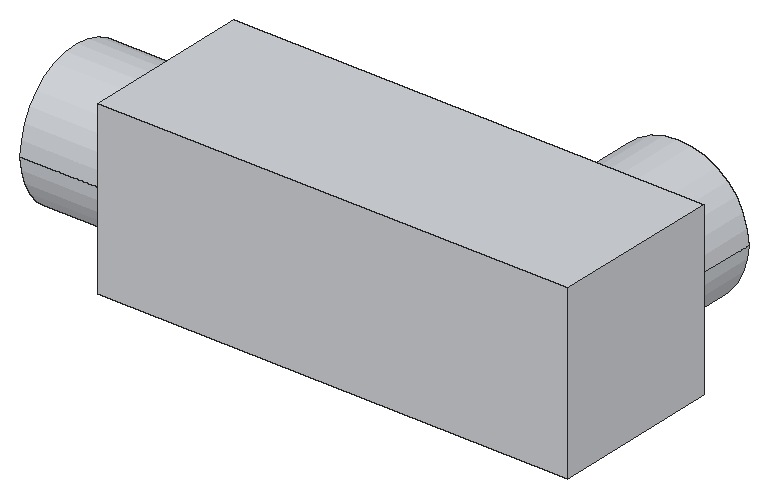
Revit family "M_Corpo do conduíte - Tipo L - Alumínio", category Conexões do conduite, Revit 2019
Family settings
  Cota do conector redondo = Usar raio
  Tipo de parte = Cotovelo da caixa de conexões
  Número OmniClass = 23.80.30.17.11
  Título OmniClass = Conduits
  ID de item do Seek = Conduit Body - Type L - Aluminum-0000-CAN-ENU
  Com base no plano de trabalho = Não
  Sempre na vertical = Sim
  Corte com vazios quando carregada = Não
  Compartilhado = Não
Parameters (values of type "Padrão")
  Comprimento total 2 [instance] = size_lookup(Pesquisa de tamanho de conduite, "TLgt2", 1.4 * Diâmetro nominal máximo 12 + 34.33 mm, Diâmetro nominal máximo 12)  # 50.8 mm
  Comprimento total 1 [instance] = size_lookup(Pesquisa de tamanho de conduite, "TLgt1", 3.64 * Diâmetro nominal máximo 12 + 68.858 mm, Diâmetro nominal máximo 12)  # 109.538 mm
  Raio nominal 2 [instance] = 8 mm
  Raio nominal 1 [instance] = 8 mm
  Diâmetro nominal 2 [instance] = Raio nominal 2 * 2  # 16 mm
  Diâmetro nominal 1 [instance] = Raio nominal 1 * 2  # 16 mm
  Diâmetro nominal máximo 12 [instance] = if(Diâmetro nominal 1 > Diâmetro nominal 2, Diâmetro nominal 1, Diâmetro nominal 2)  # 16 mm
  Comprimento 2 [instance] = Comprimento total 1 - Centro ao final 1  # 19.05 mm
  Comprimento 1 [instance] = Centro ao final 1 - Comprimento do conduíte 1  # 73.025 mm
  Raio externo da conexão 2 [instance] = Diâmetro externo da conexão 2 * 0.5  # 13.716 mm
  Raio externo da conexão 1 [instance] = Diâmetro externo da conexão 1 * 0.5  # 13.716 mm
  Diâmetro externo da conexão 2 [instance] = size_lookup(Pesquisa de tamanho de conduite, "FOD", 1.15 * Diâmetro nominal 2 + 11.708 mm, Diâmetro nominal 2)  # 27.432 mm
  Diâmetro externo da conexão 1 [instance] = size_lookup(Pesquisa de tamanho de conduite, "FOD", 1.15 * Diâmetro nominal 1 + 11.708 mm, Diâmetro nominal 1)  # 27.432 mm
  Pesquisa de tamanho de conduite = "M_Conduit Body - Type L - Aluminum"
  Comprimento do conduíte 2 [instance] = size_lookup(Pesquisa de tamanho de conduite, "CLgt", 0.09 * Diâmetro nominal 2 + 17.76 mm, Diâmetro nominal 2)  # 17.463 mm
  Comprimento do conduíte 1 [instance] = size_lookup(Pesquisa de tamanho de conduite, "CLgt", 0.09 * Diâmetro nominal 1 + 17.76 mm, Diâmetro nominal 1)  # 17.463 mm
  Centro ao final 1 [instance] = size_lookup(Pesquisa de tamanho de conduite, "CtE1", 2.8 * Diâmetro nominal máximo 12 + 59.432 mm, Diâmetro nominal máximo 12)  # 90.488 mm
  Comprimento 3 [instance] = Comprimento total 2 - Comprimento do conduíte 2  # 33.338 mm
Reference planes
  plane 1 "Centro (Frente/Trás)": y = 0
  plane 2: z = 0
  plane 3 "Centro (Esquerda/Direita)": x = 0
  plane 4: x = -73.025
  plane 5: x = 19.05
  plane 6: y = 16.669
  plane 7: y = -16.669
  plane 8: z = 16.669
  plane 9: z = -16.669
  plane 10: x = -90.487
  plane 11: y = 34.131
Forms (mm)
  Extrusion 1, solid
    sketch origin (0, 0, 0) x (1, 0, 0) y (0, 1, 0)
      loop
        line (-73.025, 16.669) -> (-73.025, -16.669) -> (19.05, -16.669) -> (19.05, 16.669) -> (-73.025, 16.669)
    from -16.669 to 16.669
  Extrusion 2, solid, detail levels fine
    sketch origin (0, 0, 0) x (0, 1, 0) y (0, 0, 1)
      loop
        circle (0, 0) r 13.716
    from -90.488 to -73.025
  Extrusion 3, solid, detail levels fine
    sketch origin (0, 0, 0) x (1, 0, 0) y (0, 0, 1)
      loop
        circle (0, 0) r 13.716
    from -16.669 to -34.131
Cuts and joins
  joined: Extrusion 2, Extrusion 3
Lines and regions (mm)
  model lines, detail levels coarse+medium
    curve 1: line (-90.487, 0, 0) -> (-73.025, 0, 0)
    curve 2: line (0, 34.131, 0) -> (0, 16.669, 0)
Dimensions and locks
  "Comprimento 1": plane 4 to plane 3 "Centro (Esquerda/Direita)"
  "Comprimento 2": plane 3 "Centro (Esquerda/Direita)" to plane 5
  equal spacing: plane 6, plane 1 "Centro (Frente/Trás)", plane 7
  "Comprimento 3": plane 6 to plane 7
  equal spacing: plane 8, plane 2, plane 9
  "Comprimento 3": plane 8 to plane 9
  "Comprimento do conduíte 1": plane 10 to plane 4
  "Comprimento do conduíte 2": plane 11 to plane 6
  "Raio externo da conexão 1": radius of Extrusion 2 sketch curve
  "Raio externo da conexão 2": radius of Extrusion 3 sketch curve
  aligned and locked: Extrusion 1 to plane 7
  aligned and locked: plane 6 to Extrusion 1
  aligned and locked: Extrusion 1 to plane 4
  aligned and locked: plane 5 to Extrusion 1
  aligned and locked: plane 8 to Extrusion 1
  aligned and locked: Extrusion 1 to plane 9
  aligned and locked: plane 2 to Extrusion 2 sketch curve
  aligned and locked: plane 1 "Centro (Frente/Trás)" to Extrusion 2 sketch curve
  aligned and locked: plane 4 to Extrusion 2
  aligned and locked: Extrusion 2 to plane 10
  aligned and locked: plane 2 to Extrusion 3 sketch curve
  aligned and locked: plane 3 "Centro (Esquerda/Direita)" to Extrusion 3 sketch curve
  aligned and locked: plane 11 to Extrusion 3
  aligned and locked: plane 10 to curve 1
  aligned and locked: plane 4 to curve 1
  aligned and locked: plane 1 "Centro (Frente/Trás)" to curve 1
  aligned and locked: plane 11 to curve 2
  aligned and locked: plane 6 to curve 2
  aligned and locked: curve 2 to plane 3 "Centro (Esquerda/Direita)"
  aligned and locked: cut or joined group of Extrusion 2, Extrusion 3 to plane 6
Automatic sketch dimensions
  plane 4 to Extrusion 1 sketch curve = 0 mm
  Extrusion 1 sketch curve to plane 5 = 0 mm
  plane 1 "Centro (Frente/Trás)" to Extrusion 1 sketch curve = 16.669 mm
  Extrusion 1 sketch curve to plane 1 "Centro (Frente/Trás)" = 16.669 mm
Connectors
  cabletrayconduit at (-90.487, 0, 0), diameter 16, driven by "Raio nominal 1"
    settings: on Extrusion 2, index 1, connector width 304.8 mm, connector height 304.8 mm, connector angle 0.00°, system type 32, placement type 0, profile type 0, connector reference index 2, is primary connector yes, connector utility param no, connector description ""
  cabletrayconduit at (0, 34.131, 0), diameter 16, driven by "Raio nominal 2"
    settings: on Extrusion 3, index 2, connector width 304.8 mm, connector height 304.8 mm, connector angle 0.00°, system type 32, placement type 0, profile type 0, connector reference index 1, is primary connector no, connector utility param no, connector description ""
